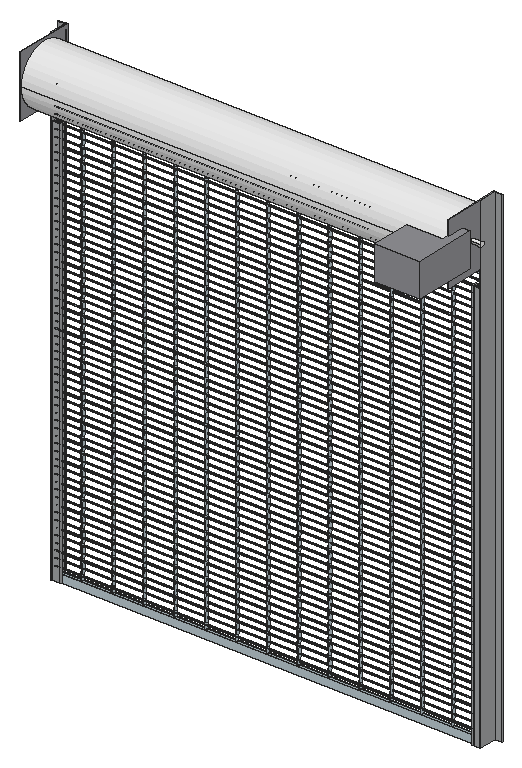
Revit family "Doors_Industrial_Overhead-Door-Corporation_Upward-Coiling-Security-Grilles-671_", category Specialty Equipment, host Wall, Revit 2019
Family settings
  Host = Wall
  Round Connector Dimension = Use Diameter
  Part Type = Normal
  OmniClass Number = 23.30.10.21.34
  OmniClass Title = Industrial Doors
  Always vertical = Yes
  Cut with Voids When Loaded = Yes
  Shared = No
  Room Calculation Point = No
Parameters (values of type "115 volts, one phase, 60 Hz (110-120V range)")
  Warning Sign [instance] = if(Calculated Area > 683.00 SF, 1 = 1, 1 = 2)  # no
  Warning (Note) [instance] = if(Warning Sign, "The Door Area is out of the limit; please adjust accordingly. The maximum allowed area is 683 sq. ft.", if(Opening Height > 360", "Headroom Clearance Dimensions - out of the limits. Consult Factory", " "))  # " "
  Wall Thickness [instance] = 6"
  Voltage = 115 V
  True Opening Width [instance] = if(Between Jambs Mounting, Door Width True, Clear Width)  # 120"
  True Opening Height [instance] = if(Between Jambs Mounting, Clear Height + Headroom Height, Clear Height)  # 120"
  M2 Value [instance] = if(Face Of Wall Mounting, 4 3/4", 5 1/2")  # 4 3/4"
  Jambs Offset 2 [instance] = if(Between Jambs Mounting, BJ Displacement Real 2 + G Value, 0")  # 0"
  Door Half 1 [instance] = if(Between Jambs Mounting, Clear Width / 2 + BJ Displacement Real 1 + G Value, Clear Width / 2 + M1 Value)  # 64 3/4"
  Curtain Type [instance] = if(Curtain Option < 2, "Lattice", if(Curtain Option = 2, "Brick", "Lexan"))  # "Lattice"
  Curtain Option [instance] = 1
  Slat Length [instance] = Clear Width + G Value * 2 - 1" / 2 * 2  # 124"
  Slat Height [instance] = if(Curtain Option < 3, 8", 11 1/2")  # 8"
  Curtain Option Real [instance] = if(Curtain Option < 2, 1, if(Curtain Option = 2, 2, 3))  # 1
  Product Page URL = "https://www.overheaddoor.com/upward-coiling-security-grilles-671"
  Power Factor = 1
  Powder Coat (Note) = "PowderGuard® Premium powder coat finish options are available in approximately 200 colors as well as custom matching to specification. PowderGuard® Textured finish, a thicker, more scratch resistant coat, is available in 11 colors providing enhanced scratch resistance as well as aiding in hiding the dirt and blemishes that often occur in commercial environments.​"  # constant formula
  Operator Visibility = yes
  Operation (Note) [instance] = "Door could operate by manual push, crank, electrical operator or chain hoist. Manual push up and crank could be used up to 80 sf, for larger door sizes you have to use Chain Hoist operator."  # constant formula
  Opening Width Real [instance] = if(Opening Width > Max Opening Width, Max Opening Width, if(Opening Width < Min Opening Width, Min Opening Width, Opening Width))  # 120"
  Opening Width [instance] = 120"
  Opening Height Real [instance] = if(Opening Height > Max Opening Height, Max Opening Height, if(Opening Height < Min Opening Height, Min Opening Height, Opening Height))  # 120"
  Opening Height [instance] = 120"
  Number of Poles = 1
  Motor Type [instance] = if(Between Jambs Mounting, if(Motor Option < 2, "CDX", if(Motor Option = 2, "E-Egress", if(Motor Option = 3, "RSX Front of Hood", "RSX Top of Hood"))), if(Motor Option < 2, "CDX", if(Motor Option = 2, "E-Egress", if(Motor Option = 3, "RSX Front of Hood", if(Motor Option = 4, "RSX Top of Hood", if(Motor Option = 5, "RSX Wall Mount", "RSX Bench Mount"))))))  # "CDX"
  Motor Selection (Note) [instance] = "Generic operator shown. Contact Overhead Door when dimensions are critical. "  # constant formula
  Motor Position [instance] = M1 Value - G Value  # 2 1/4"
  Motor Option Real [instance] = if(Between Jambs Mounting, if(Motor Option < 1, 1, if(Motor Option > 4, 4, Motor Option)), if(Motor Option < 1, 1, if(Motor Option > 6, 6, Motor Option)))  # 1
  Motor Option [instance] = 1
  Min Opening Width [instance] = 76"  # constant formula
  Min Opening Height [instance] = 76"  # constant formula
  Max Opening Width [instance] = 364"  # constant formula
  Max Opening Height [instance] = 208"  # constant formula
  M1 Value [instance] = if(Face Of Wall Mounting, 4 3/4", if(Chain Hoist or Manual, 5 1/2", 9 1/2"))  # 4 3/4"
  Lookup BD (A) [instance] = if(or(Opening Height Real < 79", Opening Height Real = 79"), 15", if(or(Opening Height Real < 130", Opening Height Real = 130"), 17", if(or(Opening Height Real < 190", Opening Height Real = 190"), 19", if(or(Opening Height Real < 234", Opening Height Real = 234"), 21", if(or(Opening Height Real < 270", Opening Height Real = 270"), 23", 25")))))  # 17"
  Jambs Offset 1 [instance] = if(Between Jambs Mounting, BJ Displacement Real 1 + G Value, 0")  # 0"
  Installation Real [instance] = if(Between Jambs Mounting, if((Wall Thickness / 2 - Guid Depth / 2) < 0", 0", Wall Thickness / 2 - Guid Depth / 2), Wall Thickness)  # 6"
  Hood Type [instance] = if(Hood Option < 2, "No Hood", if(Hood Option = 2, "Square Hood", if(Hood Option = 3, "Octagon Hood", "Round Hood")))  # "No Hood"
  Hood Option [instance] = 1
  Hood Offset [instance] = if(Chain Hoist or Manual, 3", 5")  # 5"
  Hood Material [instance] = Metal - Overhead Door - Gray
  Hood Height [instance] = [Lookup HH (B)]  # 18"
  Lookup HH (B) [instance] = if(or(Opening Height Real < 79", Opening Height Real = 79"), 16", if(or(Opening Height Real < 130", Opening Height Real = 130"), 18", if(or(Opening Height Real < 190", Opening Height Real = 190"), 20", if(or(Opening Height Real < 234", Opening Height Real = 234"), 22", if(or(Opening Height Real < 270", Opening Height Real = 270"), 24", 26")))))  # 18"
  Headroom Height Real [instance] = [Lookup HH (B)] + Hood Offset  # 23"
  Headroom Height [instance] = if(Between Jambs Mounting, Headroom Height Real, if(Hood Option > 1, Headroom Height Real + 1 1/2", Headroom Height Real))  # 23"
  Guide Type [instance] = if(Between Jambs Mounting, "Angled Between Jambs Z Guide", "Angled Z Guide")  # "Angled Z Guide"
  Guide Option [instance] = if(Between Jambs Mounting, 1, 2)  # 2
  Guid Depth [instance] = if(Between Jambs Mounting, D Value + 1/4", D Value)  # 5 1/2"
  G Value [instance] = 2 1/2"  # constant formula
  Frequency = 60 Hz
  Face of Wall Offset [instance] = if(Between Jambs Mounting, 0", 5")  # 5"
  Face Of Wall Mounting [instance] = not(Between Jambs Mounting)  # yes
  Door Width True [instance] = if(Between Jambs Mounting, Clear Width + BJ Displacement Real 1 + BJ Displacement Real 2 + G Value * 2, Clear Width + M1 Value + M2 Value)  # 129 1/2"
  Door Width (Real) [instance] = if(Between Jambs Mounting, Clear Width, Clear Width + 1" / 2)  # 120 1/2"
  Door Height True [instance] = Clear Height + Headroom Height  # 143"
  Door Height (Real) [instance] = Clear Height + Hood Offset  # 125"
  URL = "https://www.overheaddoor.com/"
  Product data url = "https://www.bimobject.com/overhead-door/product/upward-coiling-security-grilles-671"
  Product Guid = "f5c8fb94-4e0f-410e-a40e-7a4b6452fa51"
  Model = "671"  # constant formula
  Manufacturer = "Overhead Door Corporation"  # constant formula
  Wall Closure = By host
  Floor To (CL) of Shaft [instance] = Clear Height + Hood Height / 2 + Hood Offset  # 134"
  Finish Material = Metal - Overhead Door - Aluminum
  Description = "Model 671 Security Grille"  # constant formula
  D Value [instance] = 5 1/2"  # constant formula
  Curtain Material1 [instance] = 671 : Galvanized Steel
  Curtain Material Type [instance] = 671 : Galvanized Steel
  Clear Width [instance] = if(Between Jambs Mounting, Opening Width Real - BJ Displacement Real 1 - BJ Displacement Real 2 - G Value * 2, Opening Width Real)  # 120"
  Clear Height [instance] = if(Between Jambs Mounting, Opening Height Real - Headroom Height, Opening Height Real)  # 120"
  Chain Hoist or Manual = no
  Current = 20 A
  Bottom Bar Var [instance] = if(Curtain Material Type = Curtain Material1, 1, 2)  # 1
  Between Jambs Mounting [instance] = no
  Between Jambs Guides Offset 2 [instance] = M2 Value - G Value  # 2 1/4"
  Between Jambs Guides Offset 1 [instance] = M1 Value - G Value  # 2 1/4"
  Bar [instance] = if(and(Hood Option > 1, Face Of Wall Mounting), 1 = 1, 1 = 2)  # no
  Backroom Depth [instance] = [Lookup BD (A)]  # 17"
  BJ Opening Cut [instance] = if(Between Jambs Mounting, Headroom Height, 0")  # 0"
  BJ Displacement Real 2 [instance] = if(Between Jambs Mounting, Between Jambs Guides Offset 2, 0")  # 0"
  BJ Displacement Real 1 [instance] = if(Between Jambs Mounting, Between Jambs Guides Offset 1, 0")  # 0"
  Array Real [instance] = if(Array < 2, 2, Array)  # 16
  Array Length [instance] = (Array) * Slat Height  # 128"
  Array [instance] = rounddown(([Door Height (Real)] - 3") / Slat Height) + 1  # 16
  Calculated Area [instance] = [Door Width (Real)] * [Door Height (Real)]  # 104.601 SF
  Apparent Load Phase 3 = if(Number of Poles = 1, 0 VA, (Voltage * Current * sqrt(3)) / 3)  # 0 VA
  Apparent Load Phase 2 = if(Number of Poles = 1, 0 VA, (Voltage * Current * sqrt(3)) / 3)  # 0 VA
  Apparent Load Phase 1 = if(Number of Poles = 1, Voltage * Current, (Voltage * Current * sqrt(3)) / 3)  # 2300 VA
Reference planes (in)
  plane 1 "Center (Front/Back)": y = -14.625
  plane 2 "Center (Left/Right)": x = 0
  plane 3 "Left": x = -60
  plane 4 "Right": x = 60
  plane 5 "Exterior": y = -8.625
  plane 6 "Interior": y = -14.625
  plane 7: x = 64.75
  plane 8: x = -64.75
  plane 9: z = 120
  plane 10 "Main": y = -19.75
  plane 11 "Backroom Depth": y = -32.125
  plane 12 "Main Door Block": y = -15.125
  plane 13 "Bottom Bar": z = 2.75
  plane 14: y = -20.125
  plane 15: z = 130.75
  plane 16: z = 143
  plane 17: z = 125
  plane 18: z = 144.5
  plane 19: z = 0
  plane 20: z = 60
  plane 21: y = -19.625
  plane 22: y = 18.375
  plane 23: y = -41.625
  plane 24 "Headroom Top": z = 143
  plane 25: z = 134
  plane 26: x = 62.5
  plane 27: x = -62.5
  plane 28: z = 122.75
  plane 29: z = 2.75
  plane 30: y = -19.75
  plane 31: z = 122.75
  plane 32: y = -19.75
  plane 33: z = 10.75
  plane 34: y = -19.75
  plane 35: z = 18.75
  plane 36: y = -19.75
  plane 37: z = 26.75
  plane 38: y = -19.75
  plane 39: z = 34.75
  plane 40: y = -19.75
  plane 41: z = 42.75
  plane 42: y = -19.75
  plane 43: z = 50.75
  plane 44: y = -19.75
  plane 45: z = 58.75
  plane 46: y = -19.75
  plane 47: z = 66.75
  plane 48: y = -19.75
  plane 49: z = 74.75
  plane 50: y = -19.75
  plane 51: z = 82.75
  plane 52: y = -19.75
  plane 53: z = 90.75
  plane 54: y = -19.75
  plane 55: z = 98.75
  plane 56: y = -19.75
  plane 57: z = 106.75
  plane 58: y = -19.75
  plane 59: z = 114.75
  plane 60: y = -19.75
Forms (in)
  Extrusion 1, void
    sketch origin (0, -15.125, 0) x (0, 0, -1) y (-1, 0, 0)
      loop
        line (-120, 60) -> (-120, -60) -> (0, -60) -> (0, 60) -> (-120, 60)
    from 0.5 to 6.5
  Extrusion 2, solid, material "Metal - Overhead Door - Gray" <- "Hood Material", visible <- "Bar"
    sketch origin (0, 0, 0) x (0, 1, 0) y (0, 0, 1)
      loop
        line (-14.875, 143) -> (-14.625, 143) -> (-14.625, 144.5) -> (-14.875, 144.5) -> (-14.875, 143)
    from -62.25 to 62.25
Lines and regions (in)
  symbolic lines, visible <- "Bar"
    curve 1: line (62.25, -14.625, 0) -> (-62.25, -14.625, 0)
    curve 2: line (-62.25, -14.875, 0) -> (62.25, -14.875, 0)
Text (in)
  text "Exterior" at (-74.96733, 27.31104, 0), in view "Ref. Level"
  text "Interior" at (-74.96733, -25.14366, 0), in view "Ref. Level"
  text "Exterior" at (0, 40.15149, 123.01588), in view "Right"
  text "Interior" at (0, -64.39139, 123.01588), in view "Right"
  text "Interior" at (0, -31.01599, 123.00693), in view "Left"
  text "Exterior" at (0, 54.57065, 123.00693), in view "Left"
Dimensions and locks (in)
  equal spacing: plane 3 "Left", plane 2 "Center (Left/Right)", plane 4 "Right"
  "Clear Width": plane 3 "Left" to plane 4 "Right"
  level to host wall = 459.59655"
  "Clear Height": level to plane 9
  plane 7 to plane 8 = 129 1/2"
  locked: plane 13 "Bottom Bar" to level at 2.75
  "Door Width True": plane 7 to plane 8
  locked: plane 14 to plane 10 "Main" at 0.375
  "Array Length": plane 15 to plane 13 "Bottom Bar"
  "Backroom Depth": plane 11 "Backroom Depth" to plane 12 "Main Door Block"
  "Hood Height": plane 16 to plane 17
  locked: plane 18 to plane 16 at 1.5
  locked: Extrusion 2 sketch curve to Extrusion 2 sketch curve at 0.25
  "Installation Real": plane 1 "Center (Front/Back)" to plane 5 "Exterior"
  "Wall Thickness": host wall to host wall
  equal spacing: plane 9, plane 20, plane 19
  equal spacing: plane 22, host wall, plane 23
  locked: plane 22 to plane 23 at 60
  "BJ Opening Cut": Extrusion 1 sketch curve to plane 9
  locked: Extrusion 2 sketch curve to Extrusion 2 sketch curve at 1.5
  "Hood Offset": plane 17 to plane 9
  "Headroom Height": plane 24 "Headroom Top" to plane 9
  "Floor To (CL) of Shaft": plane 25 to level
  "Jambs Offset 1": plane 4 "Right" to Extrusion 1 sketch curve
  "Jambs Offset 2": Extrusion 1 sketch curve to plane 3 "Left"
  "Between Jambs Guides Offset 1": plane 7 to plane 26
  "Between Jambs Guides Offset 2": plane 27 to plane 8
  locked: plane 27 to Extrusion 2 at 0.25
  locked: Extrusion 2 to plane 26 at 0.25
  "Guid Depth": plane 14 to plane 1 "Center (Front/Back)"
  "Slat Height": plane 15 to plane 28
  equal spacing: group 2, group 16, group 15, group 14, group 13, group 12, group 11, group 10, group 9, group 8, group 7, group 6, group 5, group 4, group 3, group 1  (x2)
  equal spacing: group 1, group 3, group 4, group 5, group 6, group 7, group 8, group 9, group 10, group 11, group 12, group 13, group 14, group 15, group 16, group 2
  locked: plane 14 to plane 21 at 0.5
  "Door Half 1": plane 7 to plane 2 "Center (Left/Right)"
  aligned and locked: plane 5 "Exterior" to host wall
  aligned and locked: host wall to plane 6 "Interior"
  aligned and locked: level to Extrusion 1 sketch curve
  aligned and locked: Extrusion 1 to plane 5 "Exterior"
  aligned and locked: plane 6 "Interior" to Extrusion 1
  aligned and locked: nested 1 to plane 2 "Center (Left/Right)"
  aligned and locked: plane 16 to nested 2
  aligned and locked: nested 1 to level
  aligned and locked: Extrusion 2 sketch curve to plane 18
  aligned and locked: Extrusion 2 sketch curve to plane 6 "Interior"
  aligned and locked: curve 1 to Extrusion 2  (x2)
  aligned and locked: curve 2 to Extrusion 2  (x2)
  aligned and locked: Extrusion 2 to curve 2
  aligned and locked: plane 5 "Exterior" to nested 2
  aligned and locked: level to plane 19
  aligned and locked: nested 1 to plane 1 "Center (Front/Back)"
  aligned and locked: plane 2 "Center (Left/Right)" to nested 3
  aligned and locked: nested 3 to plane 22
  aligned and locked: plane 23 to nested 4
  aligned and locked: nested 4 to plane 2 "Center (Left/Right)"
  aligned and locked: nested 5 to plane 20
  aligned and locked: plane 2 "Center (Left/Right)" to nested 5
  aligned and locked: nested 2 to plane 26
  aligned and locked: nested 5 to plane 21
  aligned and locked: plane 13 "Bottom Bar" to plane 29
  aligned and locked: plane 10 "Main" to plane 30
  aligned and locked: plane 28 to plane 31
  aligned and locked: plane 10 "Main" to plane 32
Automatic sketch dimensions
  curve 1 to curve 2 = 0"
Nested families (in)
  nested 1: "Lifts" at (0, -14.625, 0), type "Frame Unit"
    with Square Hood no, Round Hood no, Octagon Hood no
  nested 2: "Motor" at (62.0605, -31.625, 125), visible <- "Operator Visibility", type "Trolley Motor"
    with Not Chain Hoist no, Not Bench + Top yes, Horizontal Mount 0", Vertical Mount 18", Motor Option 1, Hood Mount 6.81", Face+Top no, Face Mount RSX no, Face + Top + Bench no, E-Egress no, Chain V Offset 9", Chain H Offset 0", CH Real no, CDX yes
  nested 3: "Label Annotation 1" at (0, 18.375, 0), visible <- "Warning Sign", type "Label Annotation 1"
  nested 4: "Label Annotation 1" at (0, -41.625, 0) x (-1, 0, 0) z (0, 0, 1), visible <- "Warning Sign", type "Label Annotation 1"
  nested 5: "Warning Sign" at (0, -19.625, 60), visible <- "Warning Sign", type "Warning Sign"
    with Warning Sign no
  nested 6: "671" at (0, -19.75, 2.75), Opening Width <- "Slat Length", Slat Option <- "Curtain Option Real", type <- "Curtain Material Type", type "Galvanized Steel"
    with Step H 9", Slat Option 1, SetBack 2", Second Rod Position 1.38", Overall Height 8.38", Opening Width 124", Lexan no, Lattice yes, First Rod Position 1", Brick End yes, Brick no, Array Visibility yes, Array Real 12, Array Length 108.16", Array 12, 1 Element Visibility no
  nested 7: "671" at (0, -19.75, 122.75), Opening Width <- "Slat Length", Slat Option <- "Curtain Option Real", type <- "Curtain Material Type", type "Galvanized Steel"
    with Step H 9", Slat Option 1, SetBack 2", Second Rod Position 1.38", Overall Height 8.38", Opening Width 124", Lexan no, Lattice yes, First Rod Position 1", Brick End yes, Brick no, Array Visibility yes, Array Real 12, Array Length 108.16", Array 12, 1 Element Visibility no
  nested 8: "671" at (0, -19.75, 10.75), Opening Width <- "Slat Length", Slat Option <- "Curtain Option Real", type <- "Curtain Material Type", type "Galvanized Steel"
    with Step H 9", Slat Option 1, SetBack 2", Second Rod Position 1.38", Overall Height 8.38", Opening Width 124", Lexan no, Lattice yes, First Rod Position 1", Brick End yes, Brick no, Array Visibility yes, Array Real 12, Array Length 108.16", Array 12, 1 Element Visibility no
  nested 9: "671" at (0, -19.75, 18.75), Opening Width <- "Slat Length", Slat Option <- "Curtain Option Real", type <- "Curtain Material Type", type "Galvanized Steel"
    with Step H 9", Slat Option 1, SetBack 2", Second Rod Position 1.38", Overall Height 8.38", Opening Width 124", Lexan no, Lattice yes, First Rod Position 1", Brick End yes, Brick no, Array Visibility yes, Array Real 12, Array Length 108.16", Array 12, 1 Element Visibility no
  nested 10: "671" at (0, -19.75, 26.75), Opening Width <- "Slat Length", Slat Option <- "Curtain Option Real", type <- "Curtain Material Type", type "Galvanized Steel"
    with Step H 9", Slat Option 1, SetBack 2", Second Rod Position 1.38", Overall Height 8.38", Opening Width 124", Lexan no, Lattice yes, First Rod Position 1", Brick End yes, Brick no, Array Visibility yes, Array Real 12, Array Length 108.16", Array 12, 1 Element Visibility no
  nested 11: "671" at (0, -19.75, 34.75), Opening Width <- "Slat Length", Slat Option <- "Curtain Option Real", type <- "Curtain Material Type", type "Galvanized Steel"
    with Step H 9", Slat Option 1, SetBack 2", Second Rod Position 1.38", Overall Height 8.38", Opening Width 124", Lexan no, Lattice yes, First Rod Position 1", Brick End yes, Brick no, Array Visibility yes, Array Real 12, Array Length 108.16", Array 12, 1 Element Visibility no
  nested 12: "671" at (0, -19.75, 42.75), Opening Width <- "Slat Length", Slat Option <- "Curtain Option Real", type <- "Curtain Material Type", type "Galvanized Steel"
    with Step H 9", Slat Option 1, SetBack 2", Second Rod Position 1.38", Overall Height 8.38", Opening Width 124", Lexan no, Lattice yes, First Rod Position 1", Brick End yes, Brick no, Array Visibility yes, Array Real 12, Array Length 108.16", Array 12, 1 Element Visibility no
  nested 13: "671" at (0, -19.75, 50.75), Opening Width <- "Slat Length", Slat Option <- "Curtain Option Real", type <- "Curtain Material Type", type "Galvanized Steel"
    with Step H 9", Slat Option 1, SetBack 2", Second Rod Position 1.38", Overall Height 8.38", Opening Width 124", Lexan no, Lattice yes, First Rod Position 1", Brick End yes, Brick no, Array Visibility yes, Array Real 12, Array Length 108.16", Array 12, 1 Element Visibility no
  nested 14: "671" at (0, -19.75, 58.75), Opening Width <- "Slat Length", Slat Option <- "Curtain Option Real", type <- "Curtain Material Type", type "Galvanized Steel"
    with Step H 9", Slat Option 1, SetBack 2", Second Rod Position 1.38", Overall Height 8.38", Opening Width 124", Lexan no, Lattice yes, First Rod Position 1", Brick End yes, Brick no, Array Visibility yes, Array Real 12, Array Length 108.16", Array 12, 1 Element Visibility no
  nested 15: "671" at (0, -19.75, 66.75), Opening Width <- "Slat Length", Slat Option <- "Curtain Option Real", type <- "Curtain Material Type", type "Galvanized Steel"
    with Step H 9", Slat Option 1, SetBack 2", Second Rod Position 1.38", Overall Height 8.38", Opening Width 124", Lexan no, Lattice yes, First Rod Position 1", Brick End yes, Brick no, Array Visibility yes, Array Real 12, Array Length 108.16", Array 12, 1 Element Visibility no
  nested 16: "671" at (0, -19.75, 74.75), Opening Width <- "Slat Length", Slat Option <- "Curtain Option Real", type <- "Curtain Material Type", type "Galvanized Steel"
    with Step H 9", Slat Option 1, SetBack 2", Second Rod Position 1.38", Overall Height 8.38", Opening Width 124", Lexan no, Lattice yes, First Rod Position 1", Brick End yes, Brick no, Array Visibility yes, Array Real 12, Array Length 108.16", Array 12, 1 Element Visibility no
  nested 17: "671" at (0, -19.75, 82.75), Opening Width <- "Slat Length", Slat Option <- "Curtain Option Real", type <- "Curtain Material Type", type "Galvanized Steel"
    with Step H 9", Slat Option 1, SetBack 2", Second Rod Position 1.38", Overall Height 8.38", Opening Width 124", Lexan no, Lattice yes, First Rod Position 1", Brick End yes, Brick no, Array Visibility yes, Array Real 12, Array Length 108.16", Array 12, 1 Element Visibility no
  nested 18: "671" at (0, -19.75, 90.75), Opening Width <- "Slat Length", Slat Option <- "Curtain Option Real", type <- "Curtain Material Type", type "Galvanized Steel"
    with Step H 9", Slat Option 1, SetBack 2", Second Rod Position 1.38", Overall Height 8.38", Opening Width 124", Lexan no, Lattice yes, First Rod Position 1", Brick End yes, Brick no, Array Visibility yes, Array Real 12, Array Length 108.16", Array 12, 1 Element Visibility no
  nested 19: "671" at (0, -19.75, 98.75), Opening Width <- "Slat Length", Slat Option <- "Curtain Option Real", type <- "Curtain Material Type", type "Galvanized Steel"
    with Step H 9", Slat Option 1, SetBack 2", Second Rod Position 1.38", Overall Height 8.38", Opening Width 124", Lexan no, Lattice yes, First Rod Position 1", Brick End yes, Brick no, Array Visibility yes, Array Real 12, Array Length 108.16", Array 12, 1 Element Visibility no
  nested 20: "671" at (0, -19.75, 106.75), Opening Width <- "Slat Length", Slat Option <- "Curtain Option Real", type <- "Curtain Material Type", type "Galvanized Steel"
    with Step H 9", Slat Option 1, SetBack 2", Second Rod Position 1.38", Overall Height 8.38", Opening Width 124", Lexan no, Lattice yes, First Rod Position 1", Brick End yes, Brick no, Array Visibility yes, Array Real 12, Array Length 108.16", Array 12, 1 Element Visibility no
  nested 21: "671" at (0, -19.75, 114.75), Opening Width <- "Slat Length", Slat Option <- "Curtain Option Real", type <- "Curtain Material Type", type "Galvanized Steel"
    with Step H 9", Slat Option 1, SetBack 2", Second Rod Position 1.38", Overall Height 8.38", Opening Width 124", Lexan no, Lattice yes, First Rod Position 1", Brick End yes, Brick no, Array Visibility yes, Array Real 12, Array Length 108.16", Array 12, 1 Element Visibility no
Connectors (in)
  electrical at (65.0485, -30.23077, 135.5698), driven by "Apparent Load Phase 1", driven by "Power Factor", driven by "Voltage", driven by "Apparent Load Phase 2", driven by "Apparent Load Phase 3", driven by "Number of Poles"
    settings: on nested 2, index 1, voltage 115 V, apparent load 0 VA, apparent load phase1 2300 VA, apparent load phase2 0 VA, apparent load phase3 0 VA, power factor 1, load classification "Other", number of poles 1, system type 31, power factor state 1, is connector primary yes, connector utility no, sub classification motor no, connector description "Electrical Connector"
Definition of nested family "Lifts"
  Parameters (values of type "Frame Unit")
    True Width = if(Between Jambs, Opening Width, Opening Width + 1/2")  # 120 1/2"
    Square Hood [instance] = if(Hood Option = 2, 1 = 1, 1 = 2)  # no
    Slat2 = not(Slat1)  # no
    Slat1 = if(BB V < 2, 1 = 1, 1 = 2)  # yes
    Slat Option = 1
    Slat Material2 = none
    Slat Material1 = none
    Round Hood [instance] = if(Hood Option > 3, 1 = 1, 1 = 2)  # no
    Rough Width = 0"
    Rough Height = 0"
    Octagon Hood [instance] = if(Hood Option = 3, 1 = 1, 1 = 2)  # no
    No Hood = if(Hood Option < 2, 1 = 1, 1 = 2)  # yes
    M2 Value = 4 3/4"
    M1 Value = 4 3/4"
    Hood Type = if(Hood Option < 2, "No Hood", if(Hood Option = 2, "Square Hood", if(Hood Option = 3, "Octagon Hood", "Round Hood")))  # "No Hood"
    Hood Option = 1
    Hood Offset = 5"
    Hood Height = Headroom Height Real - Hood Offset  # 18"
    Headroom Height Real = Headroom Height  # 23"
    Half Octagon Side = (Radius Hood * 2 * tan(180.00° / 8)) / 2  # 3.52082"
    Half Hood Height = Headroom Height - Hood Offset  # 18"
    Guide Z Wide 2 = if(Between Jambs, Guide Offset 2 - G Value + BJ2 Connection Length - BJ2 Displacement * 2 / 3, M2 Value - G Value)  # 2 1/4"
    Guide Z Wide 1 = if(Between Jambs, Guide Offset 1 - G Value + BJ1 Connection Length - BJ1 Displacement * 2 / 3, M1 Value - G Value)  # 2 1/4"
    Guide Offset 2 = BJ2 Displacement + G Value  # 2 1/2"
    Guide Offset 1 = BJ1 Displacement + G Value  # 2 1/2"
    G Value = 2 1/2"
    E Guide Width 2 = if(Between Jambs, Guide Offset 2 - G Value + BJ2 Connection Length - BJ2 Displacement * 2 / 3, 3")  # 3"
    E Guide Width 1 = if(Between Jambs, Guide Offset 1 - G Value + BJ1 Connection Length - BJ1 Displacement * 2 / 3, 3")  # 3"
    E Guide Height = D Value - 1/2"  # 5"
    Z Guide = 1 = 1  # yes
    Shaft Offset = if(Hood Option > 3, (Header Width - (Header Width - Hood Height)) / 2, if(Hood Height < Header Width, (Header Width - (Header Width - Hood Height)) / 2, Header Width / 2))  # 8 1/2"
    Shaft Length 1 = if(Between Jambs, G Value + BJ1 Displacement, G Value + 3")  # 5 1/2"
    Shaft Length 2 = if(Between Jambs, G Value + BJ2 Displacement, G Value + 3")  # 5 1/2"
    Setback = 0"  # constant formula
    Radius Hood = Shaft Offset  # 8 1/2"
    Opening Width = 120"
    Hood Material = none
    Headroom Height = 23"
    Header Width = 17"
    Opening Height = 120"
    Guide Type = if(Between Jambs, "Angled Between Jambs Z Guide", if(Guide Option > 1, "Angled Z Guide", "Angled E Guide"))  # "Angled Z Guide"
    Guide Option = if(Between Jambs, 1, 2)  # 2
    Guide Z Height = D Value  # 5 1/2"
    Floor To (CL) of Shaft = 134"
    Finish Material = none
    Face to Wall Mount = not(Between Jambs)  # yes
    E Guide = if(Between Jambs, 1 = 1, 1 = 2)  # no
    D Value = 5 1/2"
    Custom Hood = not(No Hood)  # no
    Between Jambs = no
    BJ2 Displacement = 0"
    BJ2 Connection Length = 1 / 3 * BJ2 Displacement  # 0"
    BJ1 Displacement = 0"
    BJ1 Connection Length = 1 / 3 * BJ1 Displacement  # 0"
    BJ Position = if(Between Jambs, 1/4", 0")  # 0"
    BB V = 1
    Angled Guide = 1 = 1  # yes
    Aditional Elements Material = none
  Reference planes (in)
    plane 1 "Center (Front/Back)": y = 0
    plane 2: z = 0
    plane 3 "Center (Left/Right)": x = 0
    plane 4 "Opening Height": z = 120
    plane 5: x = -65.5
    plane 6: x = 65.5
    plane 7: z = 143
    plane 8: y = 17
    plane 9 "Real Opening 2": x = -60
    plane 10 "Real Opening 1": x = 60
    plane 11: z = 125
    plane 12 "Main": y = 0
    plane 13: z = 134
    plane 14: y = 8.5
    plane 15: x = 62.5
    plane 16: x = -62.5
    plane 17: x = -62.5
    plane 18: x = 62.5
    plane 19: y = 5.5
    plane 20: x = -62.25
    plane 21: x = 62.25
    plane 22: y = 8.5
    plane 23: z = 144.5
    plane 24: y = 5.5
    plane 25: y = 4.75
    plane 26: y = 5.5
    plane 27: y = 4.75
    plane 28: y = 8.5
    plane 29: y = 5.5
    plane 30: y = 4.75
    plane 31: y = 5.5
    plane 32: y = 4.75
  Forms (in)
    Extrusion 1, solid, material <- "Slat Material1", visible <- "Slat1"
      sketch origin (0, 0, 0) x (0, 1, 0) y (0, 0, 1)
        loop
          line (5, 2.375) -> (5, 2.75) -> (4.5, 2.75) -> (4.5, 2.375) -> (5, 2.375)
      from -62.25 to 62.25
    Extrusion 2, solid, material <- "Slat Material1", visible <- "Slat1"
      sketch origin (0, 0, 0) x (0, 1, 0) y (0, 0, 1)
        loop
          line (5, 2.375) -> (4.5, 2.375) -> (4.5, 0) -> (5, 0) -> (5, 2.375)
      from -62.25 to 62.25
    Extrusion 3, solid, material <- "Aditional Elements Material"
      sketch origin (0, -5.35201, 0) x (0, 1, 0) y (0, 0, 1)
        loop
          circle (13.85201, 134) r 0.6
      from -65.5 to 65.5
    Extrusion 4, solid, material <- "Hood Material", visible <- "Square Hood"
      sketch origin (0, 0, 0) x (0, 1, 0) y (0, 0, 1)
        loop
          line (0, 125) -> (17, 125) -> (17, 143) -> (0, 143) -> (0, 125)
      from -62.25 to 62.25
    Extrusion 5, solid, material <- "Hood Material", visible <- "Round Hood"
      sketch origin (0, 0, 0) x (0, 1, 0) y (0, 0, 1)
        loop
          line (0, 143) -> (0, 125) -> (8.5, 125)
          arc (8.5, 125) -> (17.5, 134) -> (8.5, 143) r 9
          line (8.5, 143) -> (0, 143)
      from -62.25 to 62.25
    Extrusion 6, solid, material <- "Finish Material", visible <- "E Guide"
      sketch origin (0, 0, 0) x (1, 0, 0) y (0, 1, 0)
        loop
          line (59.5, 0) -> (62.312, 0)
          arc (62.312, 0) -> (62.44494, 0.05506) -> (62.5, 0.188) r 0.188
          line (62.5, 0.188) -> (62.5, 5) -> (62.25, 5) -> (62.25, 0.25) -> (59.5, 0.25) -> (59.5, 0)
        loop
          line (-59.5, 0) -> (-59.5, 0.25) -> (-62.25, 0.25) -> (-62.25, 5) -> (-62.5, 5) -> (-62.5, 0.188)
          arc (-62.5, 0.188) -> (-62.44494, 0.05506) -> (-62.312, 0) r 0.188
          line (-62.312, 0) -> (-59.5, 0)
      from 0 to 143
    Extrusion 7, solid, material <- "Finish Material", visible <- "Z Guide"
      sketch origin (0, 0, 0) x (1, 0, 0) y (0, 1, 0)
        loop
          line (64.75, 0) -> (64.75, 0.25) -> (62.75, 0.25) -> (62.75, 5.5) -> (62.5, 5.5) -> (62.5, 0.188)
          arc (62.5, 0.188) -> (62.55506, 0.05506) -> (62.688, 0) r 0.188
          line (62.688, 0) -> (64.75, 0)
        loop
          line (-64.75, 0) -> (-62.688, 0)
          arc (-62.688, 0) -> (-62.55506, 0.05506) -> (-62.5, 0.188) r 0.188
          line (-62.5, 0.188) -> (-62.5, 5.5) -> (-62.75, 5.5) -> (-62.75, 0.25) -> (-64.75, 0.25) -> (-64.75, 0)
      from 0 to 143
    Extrusion 8, solid, material <- "Finish Material", visible <- "Angled Guide"
      sketch origin (0, 0, 0) x (1, 0, 0) y (0, 1, 0)
        loop
          line (60, 5.5) -> (60, 5) -> (60.5625, 5) -> (60.5625, 5.3125) -> (62.3125, 5.3125) -> (62.3125, 4.1875) -> (60.5625, 4.1875) -> (60.5625, 4.5) -> (60, 4.5) -> (60, 4) -> (62.5, 4) -> (62.5, 5.5) -> (60, 5.5)
        loop
          line (-60, 5.5) -> (-62.5, 5.5) -> (-62.5, 4) -> (-60, 4) -> (-60, 4.5) -> (-60.5625, 4.5) -> (-60.5625, 4.1875) -> (-62.3125, 4.1875) -> (-62.3125, 5.3125) -> (-60.5625, 5.3125) -> (-60.5625, 5) -> (-60, 5) -> (-60, 5.5)
      from 0 to 120
    Extrusion 9, solid, material <- "Hood Material"
      sketch origin (0, 0, 0) x (-1, 0, 0) y (0, 0, 1)
        loop
          line (62.25, 125) -> (62.5, 125) -> (62.5, 143) -> (62.25, 143) -> (62.25, 125)
        loop
          line (-62.5, 125) -> (-62.25, 125) -> (-62.25, 143) -> (-62.5, 143) -> (-62.5, 125)
      from 0 to 17
    Extrusion 10, solid, material <- "Aditional Elements Material", visible <- "No Hood"
      sketch origin (0, 0, 0) x (0, 1, 0) y (0, 0, 1)
        loop
          circle (8.5, 134) r 8.5
      from -62.25 to 62.25
    Extrusion 11, solid, material <- "Hood Material", visible <- "Octagon Hood"
      sketch origin (0, 0, 0) x (0, 1, 0) y (0, 0, 1)
        loop
          line (0, 143) -> (0, 125) -> (12.02082, 125) -> (17, 130.47918) -> (17, 137.52082) -> (12.02082, 143) -> (0, 143)
      from -62.25 to 62.25
    Extrusion 12, solid, material <- "Slat Material2", visible <- "Slat2"
      sketch origin (0, 4, 0) x (0, 1, 0) y (0, 0, 1)
        loop
          line (1, 2.375) -> (1, 2.75) -> (0.5, 2.75) -> (0.5, 2.375) -> (1, 2.375)
      from -62.25 to 62.25
    Extrusion 13, solid, material <- "Slat Material2", visible <- "Slat2"
      sketch origin (0, 4, 0) x (0, 1, 0) y (0, 0, 1)
        loop
          line (1, 2.375) -> (0.5, 2.375) -> (0.5, 0) -> (1, 0) -> (1, 2.375)
      from -62.25 to 62.25
  Lines and regions (in)
    Masking region 1
      outline origin (0, 0, 0) x (1, 0, 0) y (0, 1, 0)
        loop
          line (65.5, 9.1) -> (62.5, 9.1) -> (62.5, 7.9) -> (65.5, 7.9) -> (65.5, 9.1)
        loop
          line (-65.5, 7.9) -> (-62.5, 7.9) -> (-62.5, 9.1) -> (-65.5, 9.1) -> (-65.5, 7.9)
    Masking region 2, visible <- "Z Guide"
      outline origin (0, 0, 0) x (1, 0, 0) y (0, 1, 0)
        loop
          line (-62.5, 0.188) -> (-62.5, 5.5) -> (-62.75, 5.5) -> (-62.75, 0.25) -> (-64.75, 0.25) -> (-64.75, 0) -> (-62.688, 0)
          arc (-62.688, 0) -> (-62.55506, 0.05506) -> (-62.5, 0.188) r 0.188
        loop
          line (62.5, 5.5) -> (62.5, 0.188)
          arc (62.5, 0.188) -> (62.55506, 0.05506) -> (62.688, 0) r 0.188
          line (62.688, 0) -> (64.75, 0) -> (64.75, 0.25) -> (62.75, 0.25) -> (62.75, 5.5) -> (62.5, 5.5)
    Masking region 3, visible <- "E Guide"
      outline origin (0, 0, 0) x (1, 0, 0) y (0, 1, 0)
        loop
          line (62.5, 0.188) -> (62.5, 5) -> (62.25, 5) -> (62.25, 0.25) -> (59.5, 0.25) -> (59.5, 0) -> (62.312, 0)
          arc (62.312, 0) -> (62.44494, 0.05506) -> (62.5, 0.188) r 0.188
        loop
          line (-62.25, 0.25) -> (-62.25, 5) -> (-62.5, 5) -> (-62.5, 0.188)
          arc (-62.5, 0.188) -> (-62.44494, 0.05506) -> (-62.312, 0) r 0.188
          line (-62.312, 0) -> (-59.5, 0) -> (-59.5, 0.25) -> (-62.25, 0.25)
    Masking region 4, visible <- "No Hood"
      outline origin (0, 0, 0) x (1, 0, 0) y (0, 1, 0)
        loop
          line (-62.25, 17) -> (-62.25, 0) -> (62.25, 0) -> (62.25, 17) -> (-62.25, 17)
    Masking region 5, visible <- "Custom Hood"
      outline origin (0, 0, 0) x (1, 0, 0) y (0, 1, 0)
        loop
          line (-62.25, 17) -> (-62.25, 0) -> (62.25, 0) -> (62.25, 17) -> (-62.25, 17)
    Masking region 6
      outline origin (0, 0, 0) x (1, 0, 0) y (0, 1, 0)
        loop
          line (-62.5, 17) -> (-62.5, 0) -> (-62.25, 0) -> (-62.25, 17) -> (-62.5, 17)
        loop
          line (62.25, 17) -> (62.25, 0) -> (62.5, 0) -> (62.5, 17) -> (62.25, 17)
    symbolic lines
      curve 1: line (-62.25, 0, 0) -> (-62.25, 17, 0)
      curve 2: line (62.25, 17, 0) -> (62.25, 0, 0)
    symbolic lines, visible <- "Octagon Hood"
      curve 3: line (-62.25, 12.02082, 0) -> (62.25, 12.02082, 0)
  Dimensions and locks (in)
    Extrusion 1 sketch curve to level = 2 3/8"
    locked: Extrusion 1 sketch curve to Extrusion 1 sketch curve at 0.5
    locked: Extrusion 2 sketch curve to level at 2.375
    "Headroom Height Real": plane 7 to plane 4 "Opening Height"
    plane 8 to plane 1 "Center (Front/Back)" = 17"
    "Radius Hood": Extrusion 5 sketch curve to plane 8
    "Opening Height": plane 4 "Opening Height" to level
    "Hood Offset": plane 11 to plane 4 "Opening Height"
    "BJ Position": plane 12 "Main" to plane 1 "Center (Front/Back)"
    "Header Width": plane 12 "Main" to plane 8
    "Floor To (CL) of Shaft": plane 13 to level
    "Shaft Offset": Extrusion 3 sketch curve to plane 8
    locked: Extrusion 2 sketch curve to Extrusion 2 sketch curve at 0.5
    "Shaft Offset": plane 8 to plane 14
    locked: Masking region 1 sketch curve to Masking region 1 sketch curve at 1.2
    locked: Masking region 1 sketch curve to plane 14 at 0.6
    "Guide Offset 1": plane 10 "Real Opening 1" to plane 15
    "Guide Offset 2": plane 16 to plane 9 "Real Opening 2"
    locked: Extrusion 6 sketch curve to Extrusion 6 sketch curve at 0.25  (x4)
    "E Guide Height": Extrusion 6 sketch curve to Extrusion 6 sketch curve  (x2)
    "E Guide Width 1": Extrusion 6 sketch curve to Extrusion 6 sketch curve
    "E Guide Width 2": Extrusion 6 sketch curve to Extrusion 6 sketch curve
    locked: Extrusion 7 sketch curve to Extrusion 7 sketch curve at 0.25  (x4)
    "Guide Z Wide 1": Extrusion 7 sketch curve to Extrusion 7 sketch curve
    "Guide Z Height": Extrusion 7 sketch curve to Extrusion 7 sketch curve  (x2)
    "Guide Z Wide 2": Extrusion 7 sketch curve to Extrusion 7 sketch curve
    "G Value": Extrusion 7 sketch curve to plane 9 "Real Opening 2"
    "G Value": plane 10 "Real Opening 1" to Extrusion 7 sketch curve
    "G Value": plane 10 "Real Opening 1" to plane 18
    "G Value": plane 17 to plane 9 "Real Opening 2"
    "Shaft Length 2": plane 5 to plane 9 "Real Opening 2"
    "Shaft Length 1": plane 6 to plane 10 "Real Opening 1"
    locked: Extrusion 2 to plane 18 at 0.25
    locked: Extrusion 2 to plane 17 at 0.25
    locked: plane 17 to plane 20 at 0.25
    locked: plane 21 to plane 18 at 0.25
    "Shaft Offset": Extrusion 10 sketch curve to plane 8
    plane 13 to plane 11 = 9"
    plane 7 to plane 13 = 9"
    "Shaft Offset": plane 22 to plane 8
    "Half Octagon Side": Extrusion 11 sketch curve to plane 13
    "Half Octagon Side": plane 13 to Extrusion 11 sketch curve
    "Half Octagon Side": plane 22 to Extrusion 11 sketch curve  (x2)
    equal spacing: plane 9 "Real Opening 2", plane 3 "Center (Left/Right)", plane 10 "Real Opening 1"
    "Opening Width": plane 9 "Real Opening 2" to plane 10 "Real Opening 1"
    locked: plane 23 to plane 7 at 1.5
    "D Value": plane 1 "Center (Front/Back)" to plane 19
    "D Value": plane 24 to plane 1 "Center (Front/Back)"
    locked: plane 24 to plane 25 at 0.75
    equal spacing: Extrusion 1 sketch curve, plane 25, Extrusion 1 sketch curve
    "D Value": plane 26 to plane 1 "Center (Front/Back)"
    locked: plane 26 to plane 27 at 0.75
    equal spacing: Extrusion 2 sketch curve, plane 27, Extrusion 2 sketch curve
    locked: Extrusion 8 sketch curve to Extrusion 8 sketch curve at 0.5  (x4)
    locked: Extrusion 8 sketch curve to Extrusion 8 sketch curve at 1.5  (x2)
    locked: Extrusion 8 sketch curve to Extrusion 8 sketch curve at 0.5625  (x2)
    locked: Extrusion 8 sketch curve to Extrusion 8 sketch curve at 0.1875  (x6)
    "Setback": Extrusion 8 sketch curve to plane 9 "Real Opening 2"
    "G Value": Extrusion 8 sketch curve to Extrusion 8 sketch curve  (x2)
    "Setback": plane 10 "Real Opening 1" to Extrusion 8 sketch curve
    "Shaft Offset": plane 8 to plane 28
    "Radius Hood": plane 28 to Masking region 4 sketch curve
    locked: Extrusion 12 sketch curve to Extrusion 12 sketch curve at 0.5
    locked: Extrusion 13 sketch curve to Extrusion 13 sketch curve at 0.5
    locked: plane 29 to plane 30 at 0.75
    equal spacing: Extrusion 12 sketch curve, plane 30, Extrusion 12 sketch curve
    locked: plane 31 to plane 32 at 0.75
    equal spacing: Extrusion 13 sketch curve, plane 32, Extrusion 13 sketch curve
    locked: Extrusion 13 sketch curve to Extrusion 13 sketch curve at 2.375
    locked: Extrusion 12 sketch curve to Extrusion 12 sketch curve at 0.375
    locked: Extrusion 12 sketch curve to level at 2.375
    "D Value": plane 1 "Center (Front/Back)" to plane 31
    "D Value": plane 1 "Center (Front/Back)" to plane 29
    "Radius Hood": radius of Extrusion 10 sketch curve
    locked: Extrusion 7 sketch curve to Extrusion 7 sketch curve (radius 0.188")  (x2)
    locked: Extrusion 6 sketch curve to Extrusion 6 sketch curve (radius 0.188")  (x2)
    aligned and locked: plane 2 to level
    aligned and locked: plane 5 to Extrusion 3
    aligned and locked: Extrusion 3 to plane 6
    aligned and locked: Extrusion 4 sketch curve to plane 7
    aligned and locked: Extrusion 4 sketch curve to plane 8
    aligned and locked: Extrusion 5 sketch curve to plane 7
    aligned and locked: plane 13 to Extrusion 3 sketch curve
    aligned and locked: plane 5 to Masking region 1 sketch curve
    aligned and locked: plane 6 to Masking region 1 sketch curve
    aligned and locked: Masking region 1 sketch curve to Masking region 1 sketch curve  (x2)
    aligned and locked: plane 12 "Main" to Extrusion 6 sketch curve  (x2)
    aligned and locked: Extrusion 6 sketch curve to plane 15
    aligned and locked: plane 16 to Extrusion 6 sketch curve
    aligned and locked: Extrusion 7 sketch curve to plane 1 "Center (Front/Back)"  (x2)
    aligned and locked: plane 4 "Opening Height" to Extrusion 8
    aligned and locked: Extrusion 5 sketch curve to plane 12 "Main"
    aligned and locked: plane 12 "Main" to Extrusion 4 sketch curve
    aligned and locked: Extrusion 9 sketch curve to plane 11  (x2)
    aligned and locked: Extrusion 9 sketch curve to plane 7  (x2)
    aligned and locked: plane 17 to Extrusion 9 sketch curve
    aligned and locked: Extrusion 9 sketch curve to plane 18
    aligned and locked: Extrusion 2 to Extrusion 1
    aligned and locked: Extrusion 1 to Extrusion 2
    aligned and locked: Extrusion 9 to curve 1
    aligned and locked: Extrusion 9 to curve 2
    aligned and locked: plane 18 to Masking region 1 sketch curve
    aligned and locked: Masking region 1 sketch curve to plane 17
    aligned and locked: plane 20 to Extrusion 9 sketch curve
    aligned and locked: plane 21 to Extrusion 9 sketch curve
    aligned and locked: plane 20 to Extrusion 4
    aligned and locked: plane 20 to Extrusion 5
    aligned and locked: Extrusion 4 to plane 21
    aligned and locked: Extrusion 5 to plane 21
    aligned and locked: plane 13 to Extrusion 10 sketch curve
    aligned and locked: Extrusion 11 sketch curve to plane 12 "Main"
    aligned and locked: Extrusion 11 sketch curve to plane 7
    aligned and locked: Extrusion 11 sketch curve to plane 11
    aligned and locked: Extrusion 11 sketch curve to plane 8
    aligned and locked: Extrusion 11 to plane 20
    aligned and locked: Extrusion 11 to plane 21
    aligned and locked: plane 20 to Extrusion 10
    aligned and locked: Extrusion 10 to plane 21
    aligned and locked: plane 8 to Extrusion 9
    aligned and locked: Extrusion 11 to curve 3
    aligned and locked: plane 20 to curve 3
    aligned and locked: plane 21 to curve 3
    aligned and locked: plane 7 to Extrusion 7
    aligned and locked: plane 7 to Extrusion 6
    aligned and locked: Extrusion 4 sketch curve to plane 11
    aligned and locked: Extrusion 5 sketch curve to plane 11
    aligned and locked: Extrusion 8 sketch curve to Extrusion 8 sketch curve  (x4)
    aligned and locked: Extrusion 8 sketch curve to plane 19
    aligned and locked: plane 19 to Extrusion 8 sketch curve
    aligned and locked: Masking region 2 sketch curve to Extrusion 7  (x12)
    aligned and locked: Masking region 3 sketch curve to Extrusion 6  (x12)
    aligned and locked: Masking region 4 sketch curve to Extrusion 10  (x2)
    aligned and locked: plane 8 to Masking region 4 sketch curve
    aligned and locked: Masking region 5 sketch curve to Extrusion 4  (x4)
    aligned and locked: Masking region 6 sketch curve to Extrusion 9  (x8)
    aligned and locked: Extrusion 13 to Extrusion 12
    aligned and locked: Extrusion 12 to Extrusion 13
    aligned and locked: level to Extrusion 13 sketch curve
    aligned and locked: plane 20 to Extrusion 13
    aligned and locked: Extrusion 13 to plane 21
  Automatic sketch dimensions
    plane 1 "Center (Front/Back)" to curve 2 = 0"
    curve 1 to plane 1 "Center (Front/Back)" = 0"
    curve 2 to plane 8 = 0"
    curve 1 to plane 8 = 0"
    Extrusion 1 sketch curve to Extrusion 1 sketch curve = 3/8"
    Extrusion 2 sketch curve to level = 0"
    radius of Extrusion 3 sketch curve = 0.6"
Definition of nested family "Motor"
  Parameters (values of type "Trolley Motor")
    Wall Mount RSX = if(Chain Hoist, 1 = 2, if(Motor Option = 5, 1 = 1, 1 = 2))  # no
    Top Mount RSX = if(Chain Hoist, 1 = 2, if(Motor Option = 4, 1 = 1, 1 = 2))  # no
    Shaft Material = none
    Real Exterior Wall Offset = if(Wall Mount RSX, Displacement, Exterior Wall Offset)  # 6"
    Not Chain Hoist = not(or(CDX, Chain Hoist))  # yes
    Not Bench + Top = not(or([E-Egress], Top Mount RSX, Chain Hoist, Bench Mount RSX))  # no
    Horizontal Mount = if(or([E-Egress], Face Mount RSX), 5.08" + 0.12" + 2.38", if(Top Mount RSX, 11.19", if(Wall Mount RSX, 5.08", if(Bench Mount RSX, 4.77" + if(or(Hood Width < 14", Hood Width = 14"), 6.13", if(or(Hood Width < 16", Hood Width = 16"), 4.13", 3 1/4")), 0"))))  # 7.58"
    Not Fire King = if(Chain Hoist, 1 = 2, not(Chain Hoist))  # yes
    Vertical Mount = if(or([E-Egress], Face Mount RSX), 11.07" + Hood Height / 2, if(Top Mount RSX, 14.92" - 0.13" - 2.38", if(Wall Mount RSX, 20.03" + 6" + Hood Height / 2, if(Bench Mount RSX, 20" + 2.29" + Hood Height / 2, Hood Height))))  # 20.07"
    Motor Type = if(BJ, if(Motor Option < 2, "CDX", if(Motor Option = 2, "E-Egress", if(Motor Option = 3, "RSX Front of Hood", "RSX Top of Hood"))), if(Motor Option < 2, "CDX", if(Motor Option = 2, "E-Egress", if(Motor Option = 3, "RSX Front of Hood", if(Motor Option = 4, "RSX Top of Hood", if(Motor Option = 5, "RSX Wall Mount", "RSX Bench Mount"))))))  # "E-Egress"
    Motor Option = 2
    Main Material = none
    Hood Width Real = if(Wall Mount RSX, 0", if(Chain Hoist, if(Hood Height < Hood Width, (Hood Width + (Hood Width - Hood Height)) / 2, Hood Width / 2), Hood Width))  # 17"
    Hood Width = 17"
    Hood Material = none
    Hood Height = 18"
    Hood Mount = if(or([E-Egress], Face Mount RSX, Top Mount RSX), 0.37", if(Wall Mount RSX, if(BJ, 12.24" + BJ Displacement, 14.74"), if(Bench Mount RSX, 14.49", if(CDX, 6.81", 4.26"))))  # 0.37"
    Floor To Cl Shaft = 134"
    Fire King RHX = 1 = 2  # no
    Top Option Offset = if(or(Top Mount RSX, Bench Mount RSX), 20", 0")  # 0"
    Face+Top = if(Chain Hoist, 1 = 2, if(or(Face Mount RSX, Top Mount RSX), 1 = 1, 1 = 2))  # yes
    Face Mount RSX = if(Chain Hoist, 1 = 2, if(or(Motor Option = 2, Motor Option = 3), 1 = 1, 1 = 2))  # yes
    Top + Bench = if(Chain Hoist, 1 = 2, if(or(Top Mount RSX, Bench Mount RSX), 1 = 1, 1 = 2))  # no
    Face + Top + Bench = if(Chain Hoist, 1 = 2, if(or(Face Mount RSX, Top Mount RSX, Bench Mount RSX), 1 = 1, 1 = 2))  # yes
    Exterior Wall Offset = 6"
    E-Egress = if(Chain Hoist, 1 = 2, if(Motor Option = 2, 1 = 1, 1 = 2))  # yes
    Displacement = 6"
    Default Elevation = 48"
    Chain V Offset = if(or([E-Egress], Face Mount RSX, Wall Mount RSX), 6.53", if(or(Top Mount RSX, Bench Mount RSX), 18.81", Hood Height / 2))  # 6.53"
    Chain H Offset = if(or(Face Mount RSX, Wall Mount RSX), 1.19", if(or(Top Mount RSX, Bench Mount RSX), 6.53", 0"))  # 1.19"
    Chain Hoist = no
    CH Real = not(CDX)  # yes
    CDX = if(Chain Hoist, 1 = 2, if(Motor Option < 2, 1 = 1, 1 = 2))  # no
    Bench Mount RSX = if(Chain Hoist, 1 = 2, if(Motor Option > 5, 1 = 1, 1 = 2))  # no
    BJ Displacement = 0"
    BJ = no
    Angle = if(or(Bench Mount RSX, Top Mount RSX), 90.00°, 180.00°)  # 180.00°
  Reference planes (in)
    plane 1 "Center (Front/Back)": y = 0
    plane 2: z = 0
    plane 3 "Center (Left/Right)": x = 0
    plane 4: y = 0
    plane 5: y = 1.19
    plane 6: z = -127.47
    plane 7: z = -97.47
    plane 8: z = 6.53
    plane 9 "Chain Hoist": z = 6.53
    plane 10 "Top Of Hood": z = 20.07
    plane 11: y = 7.58
    plane 12: z = 0
    plane 13 "Hood Face": x = 6.8795
    plane 14: x = 7.2495
    plane 15: y = 24.58
    plane 16 "Wall": y = 30.58
  Forms (in)
    Extrusion 1, solid, material <- "Main Material", visible <- "Not Chain Hoist"
      sketch origin (0, 0, 18.8898) x (1, 0, 0) y (0, 1, 0)
        loop
          line (-4.134, -2.41307) -> (4.116, -2.41307) -> (4.116, -2.29347) -> (3.108, -2.29347)
          arc (3.108, -2.29347) -> (3.02315, -2.25832) -> (2.988, -2.17347) r 0.12
          line (2.988, -2.17347) -> (2.988, 4.96193) -> (-2.988, 4.96193) -> (-2.988, -2.17347)
          arc (-2.988, -2.17347) -> (-3.02315, -2.25832) -> (-3.108, -2.29347) r 0.12
          line (-3.108, -2.29347) -> (-4.134, -2.29347) -> (-4.134, -2.41307)
      from -16.64 to 0
    Extrusion 2, solid, material <- "Main Material", visible <- "Not Chain Hoist"
      sketch origin (0, 0, 18.8898) x (1, 0, 0) y (0, 1, 0)
        loop
          line (-4.134, -2.41307) -> (-4.134, -5.05565) -> (-4.3324, -5.05565) -> (-4.3324, -5.3122)
          arc (-4.3324, -5.3122) -> (-4.24466, -5.55085) -> (-4.02324, -5.67585) r 0.36846
          arc (-4.02324, -5.67585) -> (0, -6.0017) -> (4.02324, -5.67585) r 25
          arc (4.02324, -5.67585) -> (4.24466, -5.55085) -> (4.3324, -5.3122) r 0.36846
          line (4.3324, -5.3122) -> (4.3324, -5.05565) -> (4.116, -5.05565) -> (4.116, -2.41307) -> (-4.134, -2.41307)
      from -17 to 0.35839
    Revolve 3, solid, material <- "Main Material", visible <- "Not Chain Hoist"
      sketch origin (2.0828, 5.66524, 0) x (0, -1, 0) y (1, 0, 0)
        loop
          line (5.66524, -9.0813) -> (5.66524, 3.1162) -> (4.82413, 3.1162) -> (4.82413, 2.7162) -> (4.39283, 2.7162) -> (4.39283, 2.4872) -> (2.50257, 2.4872) -> (2.50257, -6.6585) -> (3.79863, -6.6585) -> (3.79863, -7.51105) -> (3.89778, -7.6102) -> (5.36033, -7.6102) -> (5.36033, -7.8313) -> (4.69783, -7.8313) -> (4.69783, -9.0813) -> (5.66524, -9.0813)
        axis (5.66524, -9.0813) -> (5.66524, 3.1162)
      angle from 0 to 360
    Extrusion 4, solid, material <- "Main Material", visible <- "Wall Mount RSX"
      sketch origin (0, 0, 18.8898) x (1, 0, 0) y (0, 1, 0)
        loop
          line (-2.988, 5.08193) -> (-4.988, 5.08193) -> (-4.988, 4.96193) -> (-3.108, 4.96193) -> (-3.108, 1.46193) -> (-2.988, 1.46193) -> (-2.988, 5.08193)
        loop
          line (2.988, 5.08193) -> (2.988, 1.46193) -> (3.108, 1.46193) -> (3.108, 4.96193) -> (4.988, 4.96193) -> (4.988, 5.08193) -> (2.988, 5.08193)
      from -16.64 to 1.14
    Extrusion 5, solid, material <- "Main Material", visible <- "CH Real"
      sketch origin (0, 0.00141, 3.59957) x (0, 0, 1) y (0, -1, 0)
        loop
          circle (2.93043, -1.18859) r 3
      from 7.52 to 7.2495
    Sweep 6, solid, material <- "Main Material", visible <- "CH Real"
      path origin (7.38475, 9.53, 48) x (0, 1, 0) y (0, 0, 1)
        loop
          line (-11.34, -41.47) -> (-11.34, -145.47)
          arc (-11.34, -145.47) -> (-8.34, -148.47) -> (-5.34, -145.47) r 3
          line (-5.34, -145.47) -> (-5.34, -41.47)
      profile origin (7.38475, -1.81, -45.47) x (1, 0, 0) y (0, 1, 0)
        loop
          circle (0, 0.1) r 0.1
    Extrusion 7, solid, material <- "Main Material", visible <- "CH Real"
      sketch origin (0, 0.00141, 3.59957) x (0, 0, 1) y (0, -1, 0)
        loop
          circle (2.93043, -1.18859) r 0.4
      from 8.82 to 0
    Extrusion 8, solid, material <- "Main Material", visible <- "Face+Top"
      sketch origin (0, 0, 18.8898) x (1, 0, 0) y (0, 1, 0)
        loop
          line (7.2495, 5.08193) -> (7.2495, 9.82193) -> (7.1295, 9.82193) -> (7.1295, 5.20193) -> (-2.988, 5.20193) -> (-2.988, 5.08193) -> (7.2495, 5.08193)
      from -12.32 to -4.32
    Extrusion 9, solid, material <- "Main Material", visible <- "Face + Top + Bench"
      sketch origin (0.25, 0, 18.8898) x (1, 0, 0) y (0, 1, 0)
        loop
          line (-3.358, 5.08193) -> (-3.358, 1.46193) -> (-3.238, 1.46193) -> (-3.238, 4.96193) -> (-1.238, 4.96193) -> (-1.238, 5.08193) -> (-3.358, 5.08193)
        loop
          line (2.858, 5.08193) -> (0.738, 5.08193) -> (0.738, 4.96193) -> (2.738, 4.96193) -> (2.738, 1.46193) -> (2.858, 1.46193) -> (2.858, 5.08193)
      from -16.64 to 1.14
    Extrusion 10, solid, material <- "Main Material", visible <- "Face+Top"
      sketch origin (0, 0, 0) x (0, 0, 1) y (0, -1, 0)
        loop
          line (15.5698, -5.33193) -> (6.5698, -5.33193) -> (6.5698, -9.82193) -> (15.5698, -9.82193) -> (15.5698, -5.33193)
      from 6.8795 to 7.1295
    Extrusion 11, solid, material <- "Main Material", visible <- "Bench Mount RSX"
      sketch origin (0, 0, 18.8898) x (1, 0, 0) y (0, 1, 0)
        loop
          line (-6.9985, 5.08193) -> (3.108, 5.08193) -> (3.108, 5.20193) -> (-7.1205, 5.20193) -> (-7.1205, 1.33693) -> (-6.9985, 1.33693) -> (-6.9985, 5.08193)
      from -10.78 to -1.46
    Extrusion 12, solid, material <- "Main Material", visible <- "Bench Mount RSX"
      sketch origin (0, 0, 0) x (0, 0, 1) y (0, -1, 0)
        loop
          line (8.2698, -1.46193) -> (8.2698, -4.96193) -> (17.2698, -4.96193) -> (17.2698, -1.46193) -> (8.2698, -1.46193)
      from -7.24 to -7.1205
    Extrusion 13, solid, material <- "Hood Material", visible <- "CDX"
      sketch origin (2.988, 0, 6.53) x (0, -1, 0) y (1, 0, 0)
        loop
          line (13.5, -6.68168) -> (13.5, 6.44332) -> (-4.7, 6.44332) -> (-4.7, 3.8915) -> (2, 3.8915) -> (2, -6.68168) -> (13.5, -6.68168)
      from 4.88 to -4.88
  Lines and regions (in)
    Masking region 1, visible <- "CDX"
      outline origin (0, 0, 0) x (1, 0, 0) y (0, 1, 0)
        loop
          line (-3.69368, -2) -> (-3.69368, -13.5) -> (9.43132, -13.5) -> (9.43132, 4.7) -> (6.8795, 4.7) -> (6.8795, -2) -> (-3.69368, -2)
    reference lines
      curve 1: line (0, 0, 0) -> (0, 0, 18.8898)
  Dimensions and locks (in)
    Extrusion 4 sketch curve to Extrusion 4 sketch curve = 3.62"
    locked: Extrusion 4 sketch curve to Extrusion 4 sketch curve at 0.12  (x3)
    "Chain H Offset": plane 4 to plane 5
    locked: plane 7 to plane 6 at 30
    locked: Sweep 6 sketch curve to profile plane at 0
    locked: profile plane to Sweep 6 sketch curve at 0.1
    locked: Sweep 6 sketch curve to Sweep 6 sketch curve at 6
    "Floor To Cl Shaft": plane 8 to plane 6
    "Horizontal Mount": plane 1 "Center (Front/Back)" to plane 11
    Extrusion 9 sketch curve to Extrusion 9 sketch curve = 3.62"
    locked: Extrusion 9 sketch curve to Extrusion 9 sketch curve at 0.12  (x3)
    "Top Option Offset": level to plane 12
    "Chain V Offset": plane 9 "Chain Hoist" to plane 12
    equal spacing: Sweep 6 sketch curve, plane 5, Sweep 6 sketch curve
    "Vertical Mount": plane 10 "Top Of Hood" to plane 12
    locked: Extrusion 2 sketch curve to Extrusion 2 sketch curve at 8.25
    locked: Extrusion 2 sketch curve to Extrusion 2 sketch curve at 2.64258
    locked: plane 3 "Center (Left/Right)" to plane 14 at 7.2495
    "Hood Mount": plane 13 "Hood Face" to plane 14
    locked: Extrusion 8 sketch curve to Extrusion 8 sketch curve at 0.12  (x2)
    locked: Extrusion 8 sketch curve to curve 1 at 5.08193
    "Hood Width Real": plane 11 to plane 15
    "Real Exterior Wall Offset": plane 15 to plane 16 "Wall"
    locked: Extrusion 8 sketch curve to Extrusion 8 sketch curve at 4.62
    Revolve 3 sketch curve to Revolve 3 sketch curve to Revolve 3 sketch curve to Revolve 3 sketch curve to Revolve 3 sketch curve to Revolve 3 sketch curve to Revolve 3 sketch curve = 1 1/4" locked, 0.2211" locked, 0.9517" locked, 9.1457" locked, 0.229" locked, 0.4" locked
    Revolve 3 sketch curve to Revolve 3 sketch curve to Revolve 3 sketch curve to Revolve 3 sketch curve to Revolve 3 sketch curve to Revolve 3 sketch curve to Revolve 3 sketch curve to Revolve 3 sketch curve = 0.30491" locked, 0.53619" locked, 0.12631" locked, 0.305" locked, 0.49505" locked, 0.09915" locked, 1.29606" locked
    locked: Extrusion 1 sketch curve to Extrusion 1 sketch curve at 0.1196
    locked: Extrusion 1 sketch curve to Extrusion 1 sketch curve at 5.976
    equal spacing: Extrusion 1 sketch curve, curve 1, Extrusion 1 sketch curve
    locked: curve 1 to Extrusion 1 sketch curve at 2.41307
    locked: Extrusion 1 sketch curve to Extrusion 1 sketch curve at 7.375
    locked: Extrusion 9 sketch curve to curve 1 at 1.46193
    equal spacing: Extrusion 4 sketch curve, curve 1, Extrusion 4 sketch curve
    locked: Extrusion 4 sketch curve to curve 1 at 1.46193
    locked: Extrusion 10 sketch curve to Extrusion 10 sketch curve at 4.49
    locked: Extrusion 10 sketch curve to Extrusion 10 sketch curve at 9
    locked: Extrusion 10 sketch curve to curve 1 at 9.82193
    locked: Extrusion 10 sketch curve to curve 1 at 6.5698
    locked: Revolve 3 sketch curve to plane 3 "Center (Left/Right)" at 4.5757
    locked: Extrusion 4 sketch curve to Extrusion 4 sketch curve at 5.976
    locked: Extrusion 9 sketch curve to plane 3 "Center (Left/Right)" at 2.988
    locked: plane 3 "Center (Left/Right)" to Extrusion 9 sketch curve at 3.108
    locked: Extrusion 4 sketch curve to Extrusion 4 sketch curve at 2
    locked: Extrusion 4 sketch curve to Extrusion 4 sketch curve at 1.88
    locked: Extrusion 8 sketch curve to Extrusion 8 sketch curve at 10.2375
    locked: curve 1 to Extrusion 8 sketch curve at 7.2495
    locked: Extrusion 1 sketch curve to Extrusion 1 sketch curve at 1.128
    locked: Extrusion 1 sketch curve to Extrusion 1 sketch curve at 1.146
    locked: curve 1 to Extrusion 2 sketch curve at 2.41307
    locked: Extrusion 11 sketch curve to Extrusion 11 sketch curve at 0.122
    locked: Extrusion 11 sketch curve to Extrusion 11 sketch curve at 0.12
    locked: Extrusion 11 sketch curve to curve 1 at 6.9985
    locked: Extrusion 11 sketch curve to curve 1 at 5.08193
    locked: Extrusion 11 sketch curve to Extrusion 11 sketch curve at 10.1065
    locked: Extrusion 11 sketch curve to Extrusion 11 sketch curve at 3.865
    locked: Extrusion 12 sketch curve to Extrusion 12 sketch curve at 3.5
    locked: curve 1 to Extrusion 12 sketch curve at 1.46193
    locked: Extrusion 12 sketch curve to Extrusion 12 sketch curve at 9
    locked: Extrusion 12 sketch curve to curve 1 at 10.62
    locked: Extrusion 13 sketch curve to Extrusion 13 sketch curve at 13.125
    locked: Extrusion 13 sketch curve to Extrusion 13 sketch curve at 2.55182
    locked: Extrusion 13 sketch curve to Extrusion 13 sketch curve at 18.2
    locked: Extrusion 13 sketch curve to curve 1 at 2
    locked: Extrusion 13 sketch curve to Extrusion 13 sketch curve at 11.5
    radius of Extrusion 5 sketch curve = 3"
    radius of Sweep 6 sketch curve = 3"
    radius of Sweep 6 sketch curve = 0.1"
    radius of Extrusion 7 sketch curve = 0.4"
    radius of Extrusion 2 sketch curve = 0.36846"  (x2)
    radius of Extrusion 1 sketch curve = 0.12"  (x2)
    radius of Extrusion 2 sketch curve = 25"
    "Angle": angle curve 1 to plane 1 "Center (Front/Back)"
    angle Extrusion 2 sketch curve to Extrusion 2 sketch curve = 90.00°
    locked: Extrusion 2 sketch curve to Extrusion 2 sketch curve (angle 90.00°)
    aligned and locked: plane 2 to level
    aligned and locked: Revolve 3 sketch curve to Revolve 3 sketch curve
    aligned and locked: plane 1 "Center (Front/Back)" to curve 1
    aligned and locked: level to curve 1
    aligned and locked: plane 1 "Center (Front/Back)" to plane 4
    aligned and locked: Extrusion 4 sketch curve to Extrusion 4 sketch curve  (x3)
    aligned and locked: plane 7 to Sweep 6 sketch curve  (x2)
    aligned and locked: plane 8 to Sweep 6 sketch curve  (x2)
    aligned and locked: plane 5 to Extrusion 5 sketch curve
    aligned and locked: plane 9 "Chain Hoist" to Extrusion 5 sketch curve
    aligned and locked: plane 5 to Extrusion 7 sketch curve
    aligned and locked: plane 9 "Chain Hoist" to Extrusion 7 sketch curve
    aligned and locked: plane 8 to plane 9 "Chain Hoist"
    aligned and locked: Extrusion 9 sketch curve to Extrusion 9 sketch curve  (x3)
    aligned and locked: Extrusion 2 sketch curve to Extrusion 2 sketch curve
    aligned and locked: Extrusion 1 sketch curve to Extrusion 1 sketch curve
    aligned and locked: plane 4 to nested 1
    aligned and locked: plane 3 "Center (Left/Right)" to nested 1
    aligned and locked: Masking region 1 sketch curve to Extrusion 13  (x5)
